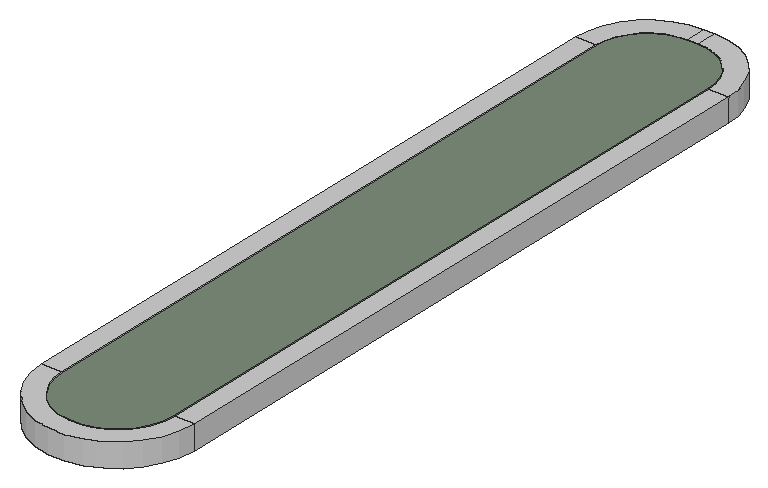
Revit family "M_Estacionamento 2", category Terreno, Revit 2019
Family settings
  Cota do conector redondo = Utilizar diâmetro
  Tipo de parte = Normal
  ID de item do Seek = Parking Island 2-0000-CAN-ENU
  Com base no plano de trabalho = Não
  Sempre na vertical = Não
  Corte com vazios quando carregada = Não
  Compartilhado = Não
Parameters (values of type "2750 x 6100 mm - 90 graus")
  Ângulo = 90.00°
  Comprimento = 6100 mm
Types (5, lengths in mm): name | Ângulo
  (no name) | 90.00°
  2750 x 6100 mm - 60 graus | 60.00°
  2750 x 6100 mm - 70 graus | 70.00°
  2750 x 6100 mm - 80 graus | 80.00°
  2750 x 6100 mm - 90 graus | 90.00°
Reference planes
  plane 1: z = 0
  plane 2 "Centro (Esquerda/Direita)": x = 1264.962
  plane 3 "Centro (Frente/Trás)": y = 859.225
  plane 4: y = -4135.875
  plane 5: x = 1874.562
  plane 6: y = 1392.625
  plane 7: y = -4707.375
Forms (mm)
  Sweep 1, solid, material "Concreto- Concreto concretado no local"
    path origin (0, 0, 0) x (1, 0, 0) y (0, 1, 0)
      loop
        line (731.562, 859.225) -> (731.562, -4135.875)
        arc (731.562, -4135.875) -> (1303.062, -4707.375) -> (1874.562, -4135.875) r 571.5
        line (1874.562, -4135.875) -> (1874.562, 859.225)
        arc (1874.562, 859.225) -> (1718.333, 1236.396) -> (1341.162, 1392.625) r 533.4
        line (1341.162, 1392.625) -> (1264.962, 1392.625)
        arc (1264.962, 1392.625) -> (887.791, 1236.396) -> (731.562, 859.225) r 533.4
    profile origin (0, -1638.325, 0) x (1, 0, 0) y (0, 0, 1)
      loop
        line (731.562, 0) -> (883.962, 0) -> (883.962, 177.8) -> (731.562, 177.8) -> (731.562, 0)
  Extrusion 2, solid, material "Grama"
    sketch origin (0, 0, 0) x (1, 0, 0) y (0, 1, 0)
      loop
        arc (1264.962, 1240.225) -> (995.554, 1128.633) -> (883.962, 859.225) r 381
        line (883.962, 859.225) -> (883.962, -4135.875)
        arc (883.962, -4135.875) -> (1303.062, -4554.975) -> (1722.162, -4135.875) r 419.1
        line (1722.162, -4135.875) -> (1722.162, 859.225)
        arc (1722.162, 859.225) -> (1610.57, 1128.633) -> (1341.162, 1240.225) r 381
        line (1341.162, 1240.225) -> (1264.962, 1240.225)
    from 0 to 177.8
Dimensions and locks
  "Comprimento": plane 7 to plane 6
  locked: plane 7 to plane 4 at 571.5
  locked: plane 3 "Centro (Frente/Trás)" to plane 6 at 533.4
  locked: plane 3 "Centro (Frente/Trás)" to Sweep 1 sketch curve at 533.4
  locked: Sweep 1 sketch curve to Sweep 1 sketch curve at 1143
  locked: plane 3 "Centro (Frente/Trás)" to Extrusion 2 sketch curve at 381
  locked: Extrusion 2 sketch curve to Extrusion 2 sketch curve at 838.2
  "Ângulo": angle plane 4 to Sweep 1 sketch curve
  "Ângulo": angle plane 4 to Extrusion 2 sketch curve
Automatic sketch dimensions
  Sweep 1 sketch curve to plane 4 = 0 mm
  Sweep 1 sketch curve to plane 3 "Centro (Frente/Trás)" = 0 mm  (x2)
  Sweep 1 sketch curve to plane 2 "Centro (Esquerda/Direita)" = 0 mm
  Sweep 1 sketch curve to profile plane = 0 mm
  Sweep 1 sketch curve to level = 0 mm
  Sweep 1 sketch curve to profile plane = 152.4 mm
  level to Sweep 1 sketch curve = 177.8 mm
  Extrusion 2 sketch curve to plane 3 "Centro (Frente/Trás)" = 0 mm  (x2)
  Extrusion 2 sketch curve to plane 4 = 0 mm
  Extrusion 2 sketch curve to plane 2 "Centro (Esquerda/Direita)" = 0 mm
